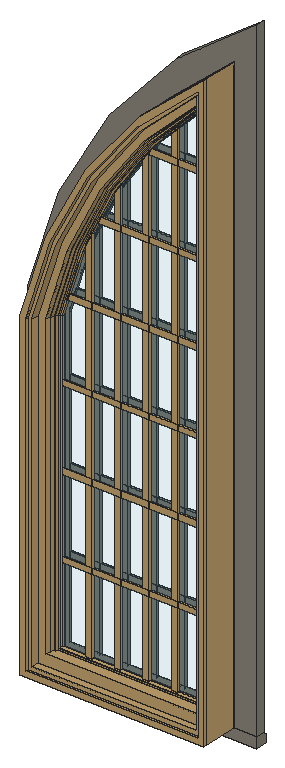
Revit family
Parameters (values of type "CUCART26")
  Window Type = "Clad Ultimate Casement Round Top RT26"
  Void Offset 2 = if(Subsill Visibility, 0' 0", 0' 9")  # 0' - 0"
  Void Offset = if(Casing Visibility, 0' 0", 0' 9")  # 0' - 0"
  URL = "www.marvin.com"
  Subsill Height_2 = if(Subsill A217, 0' 1 11/32", 0' 0 9/16")  # 0' - 1 11/32"
  Subsill Height = if(Subsill A217 Visibility, 0' 1 11/32", if(Subsill A246 Visibility, 0' 0 9/16", 0' 0"))  # 0' - 1 11/32"
  Subsill A246 Visibility = and(Subsill Visibility, Subsill A246)  # no
  Subsill A217 Visibility = and(Subsill Visibility, Subsill A217)  # yes
  Radius = 5' - 0"
  Plan Swing Angle [instance] = 15.00°
  Muntins Interior Visibility = yes
  Muntins Interior Material = Wood-Marvin-Pine
  Muntins Exterior Visibility = yes
  Muntins Exterior Material = Aluminum-Marvin-Bronze
  Mask Offset [instance] = if(Inset to Installation Flange = 0' 1 3/32", 0' 0 1/32", 0' 0")  # 0' - 0"
  Lites Wide = 5
  Lites High = 7
  Interior Material = Wood-Marvin-Pine
  Frame = "Aluminum Clad"
  Flat Casing Visibility = and(Casing Visibility, Flat Casing)  # yes
  Egress Window = ""
  Design Pressure = "DP50"
  Cladding Material = Aluminum-Marvin-Bronze
  Center_V = sin(Angle 3) * Radius  # 1' - 1.04339"
  Center_H = cos(Angle 3) * Radius  # 4' - 10.56509"
  Casing Width_2 = if(BMC, 0' 1 5/16", 0' 3")  # 0' - 3"
  Casing Visibility = yes
  Subsill Visibility = yes
  BMC Visibility = and(Casing Visibility, BMC)  # no
  BMC = no
  Flat Casing = not(BMC)  # yes
  Subsill A246 = no
  Subsill A217 = not(Subsill A246)  # yes
  Plan Swing Visibility [instance] = yes
  Glazing Material = Glass-Marvin-IG Low E II with Argon
  Springline = 3' - 6"
  Nominal Width = 2' - 0"
  Nominal Height = 6' - 6"
  Model = "CUCART26"
  Mask [instance] = Inset to Installation Flange > 0' 1 3/32"  # no
  Manufacturer = "Marvin Windows and Doors"
  Label Visibility = no
  Glass Type = "IG Low E II with Argon"
  Family created by = "www.rbuiltcomponents.com"
  Rough Width = Width + 0' 1"  # 2' - 1"
  Rough Height = Height + 0' 0 1/2"  # 6' - 6 1/2"
  Jamb Extension Visibility = yes
  Inset to Installation Flange [instance] = 0' - 1"
  Height = Nominal Height  # 6' - 6"
  Elev Swing Visibility [instance] = yes
  Description = "CSMT RT26"
  Default Head Height = 8' - 0"
  Wall Closure = (empty or 0)
  Width = Nominal Width  # 2' - 0"
  DLO Width = Width - 0' 5 13/16"  # 1' - 6 3/16"
  DLO Height = Height - 0' 5 13/16"  # 6' - 0 3/16"
  Casing Width = if(BMC Visibility, 0' 1 5/16", if(Flat Casing Visibility, 0' 3", 0' 0"))  # 0' - 3"
  Assembly Code = ""
  Bulge = Radius - (sqrt(Radius ^ 2 - (Chord ^ 2 / 4)))  # 0' - 4.03573"
  Chord = sqrt((Height - Springline) ^ 2 + Width ^ 2)  # 3' - 7.26662"
  Angle 3 = Angle 1 - Angle 2  # 12.5558°
  Angle 2 = asin(0.5 * Chord / Radius)  # 21.1343°
  Angle 1 = asin(Width / Chord)  # 33.6901°
Reference planes (in)
  plane 1 "Center (Front/Back)": y = 0
  plane 2: z = 0
  plane 3 "Center (Left/Right)": x = -3
  plane 4 "Left": x = -15
  plane 5 "Right": x = 9
  plane 6 "Sill": z = 18
  plane 7 "Top": z = 96
  plane 8 "Inset": y = 2
  plane 9 "Glazing": y = 1.53125
  plane 10 "Jamb Ext Face": y = -2.5625
  plane 11: z = 57
  plane 12: z = 60
  plane 13: y = -2.59375
  plane 14: x = 43.56509
  plane 15: z = 46.95661
Forms (in)
  Sweep 1, solid, material "Wood-Marvin-Pine" <- "Interior Material"
    path origin (0, 2, 0) x (1, 0, 0) y (0, 0, 1)
      loop
        line (-15, 60) -> (-15, 18) -> (9, 18) -> (9, 96)
        arc (9, 96) -> (-6.35793, 80.23862) -> (-15, 60) r 60
    profile "Profile_Ext_Clad_Frame : Profile_Ext_Clad_Frame" origin (-15, 2, 39) x (1, 0, 0) y (0, -1, 0)
      loop
        line (0, 4.56199) -> (0, 0.0625) -> (0.0625, 0.0625) -> (0.0625, 0) -> (0, 0) -> (0, -1.09401) -> (0.52105, -1.09401) -> (0.6063, 0.125) -> (2.696, 0.125) -> (2.696, 0.22017) -> (2.90625, 0.43042) -> (2.90625, 0.47297) -> (2.208, 0.47297) -> (2.208, 1.50299) -> (2.90625, 1.50299) -> (2.90625, 1.66374) -> (2.677, 1.89299) -> (2.677, 2) -> (2.5005, 2) -> (2.5005, 2.34399) -> (2.313, 2.34399) -> (2.313, 2.87449) -> (2.1255, 2.87449) -> (2.1255, 3.53074) -> (1.188, 3.53074) -> (1.188, 4.56199) -> (0, 4.56199)
  Extrusion 2, solid, material "Glass-Marvin-IG Low E II with Argon" <- "Glazing Material"
    sketch origin (0, 1.53125, 0) x (1, 0, 0) y (0, 0, 1)
      loop
        line (9, 18) -> (9, 96)
        arc (9, 96) -> (-6.35793, 80.23862) -> (-15, 60) r 60
        line (-15, 60) -> (-15, 18) -> (9, 18)
    from 0 to 1.03424
  Extrusion 3, void
    sketch origin (0, 0, 0) x (1, 0, 0) y (0, 0, 1)
      loop
        line (9, 18) -> (9, 96)
        arc (9, 96) -> (-6.35793, 80.23862) -> (-15, 60) r 60
        line (-15, 60) -> (-15, 18) -> (9, 18)
    from -3 to 3
  Sweep 4, solid, material "Aluminum-Marvin-Bronze" <- "Cladding Material", visible <- "BMC Visibility"
    path origin (0, 2, 0) x (1, 0, 0) y (0, 0, 1)
      loop
        line (9, 18) -> (9, 96)
        arc (9, 96) -> (-6.35793, 80.23862) -> (-15, 60) r 60
        line (-15, 60) -> (-15, 18)
    profile "BMC_Clad : BMC_Clad" origin (-15, 2, 39) x (1, 0, 0) y (0, -1, 0)
      loop
        line (-0.71589, -1.25) -> (-0.38081, -1.09375) -> (0, -1.09375) -> (0, 0) -> (-1.3125, 0) -> (-1.3125, -1.25) -> (-0.71589, -1.25)
  Sweep 5, solid, material "Aluminum-Marvin-Bronze" <- "Cladding Material", visible <- "Flat Casing Visibility"
    path origin (0, 2, 0) x (1, 0, 0) y (0, 0, 1)
      loop
        line (-15, 18) -> (-15, 60)
        arc (-15, 60) -> (-6.35793, 80.23862) -> (9, 96) r 60
        line (9, 96) -> (9, 18)
    profile "Flat_Casing_Clad : Flat_Casing_Clad" origin (9, 2, 57) x (1, 0, 0) y (0, -1, 0)
      loop
        line (3, -1.09375) -> (3, 0) -> (0, 0) -> (0, -1.09375) -> (3, -1.09375)
  Sweep 6, solid, material "Aluminum-Marvin-Bronze" <- "Cladding Material", visible <- "Subsill Visibility"
    path origin (0, 2, 0) x (1, 0, 0) y (0, 0, 1)
      loop
        line (12, 18) -> (-18, 18)
    profile origin (-3, 2, 18) x (0, 0, -1) y (0, -1, 0)
      loop
        line (0, 0) -> (0, -1.09401) -> (0.15265, -1.09401) -> (0.1875, -1.34375) -> (1.34375, -1.34375) -> (1.34375, 0) -> (0, 0)
  Sweep 7, solid, material "Wood-Marvin-Pine" <- "Interior Material"
    path in 3D
      loop
        line (-12.8745, -1.53074, 20.1255) -> (6.8745, -1.53074, 20.1255)
    profile "Profile_Sill_Close : Profile_Sill_Close" origin (-3, -1.53074, 20.1255) x (0, 1, 0) y (0, 0, 1)
      loop
        line (0, 0) -> (0.65625, 0) -> (0.65625, 0.1875) -> (1.18675, 0.1875) -> (1.18675, 0.375) -> (0, 0.375) -> (0, 0)
  Sweep 8, void
    path origin (0, 2, 0) x (1, 0, 0) y (0, 0, 1)
      loop
        line (-15, 18) -> (-15, 60)
        arc (-15, 60) -> (-6.35793, 80.23862) -> (9, 96) r 60
        line (9, 96) -> (9, 18)
    profile origin (9, 2, 57) x (0, -1, 0) y (1, 0, 0)
      loop
        line (0, 0) -> (0, 3) -> (-13, 3) -> (-13, 0) -> (0, 0)
  Sweep 9, void
    path origin (0, 2, 0) x (1, 0, 0) y (0, 0, 1)
      loop
        line (-18, 18) -> (12, 18)
    profile origin (-3, 2, 18) x (0, 0, 1) y (0, -1, 0)
      loop
        line (0, 0) -> (-1.34375, 0) -> (-1.34375, -12) -> (0, -12) -> (0, 0)
  Sweep 10, solid, material "Wood-Marvin-Pine" <- "Interior Material", visible <- "Jamb Extension Visibility"
    path origin (0, -2.5625, 0) x (1, 0, 0) y (0, 0, 1)
      loop
        line (9, 18) -> (9, 96)
        arc (9, 96) -> (-6.35793, 80.23862) -> (-15, 60) r 60
        line (-15, 60) -> (-15, 18) -> (9, 18)
    profile origin (-3, -2.5625, 18) x (0, 0, -1) y (0, -1, 0)
      loop
        line (0, 0.03125) -> (0, 0.4375) -> (-0.6875, 0.4375) -> (-0.6875, 0.03125) -> (0, 0.03125)
Cuts and joins
  joined: Sweep 1, Sweep 7
Lines and regions (in)
  Masking region 1
    outline origin (0, 0, 18) x (0, -1, 0) y (1, 0, 0)
      loop
        line (-3.09401, -15) -> (2.5625, -15) -> (2.5625, 9) -> (-3.09401, 9) -> (-3.09401, -15)
  Masking region 2
    outline origin (-3, 0, 0) x (0, 1, 0) y (0, 0, 1)
      loop
        line (3.09375, 96) -> (-2.5625, 96) -> (-2.5625, 18) -> (3.09375, 18) -> (3.09375, 96)
  Masking region 3, visible <- "Mask"
    outline origin (0, 0, 18) x (0, -1, 0) y (1, 0, 0)
      loop
        line (-3.09401, -18) -> (-3, -18) -> (-3, 12) -> (-3.09401, 12) -> (-3.09401, -18)
  Masking region 4, visible <- "Mask"
    outline origin (-3, 0, 0) x (0, 1, 0) y (0, 0, 1)
      loop
        line (3.09375, 99) -> (3, 99) -> (3, 16.65625) -> (3.09375, 16.65625) -> (3.09375, 99)
  Masking region 5, visible <- "Casing Visibility"
    outline origin (0, 0, 18) x (0, -1, 0) y (1, 0, 0)
      loop
        line (-3.09401, -18) -> (-2, -18) -> (-2, -15) -> (-3.09401, -15) -> (-3.09401, -18)
      loop
        line (-3.09401, 9) -> (-2, 9) -> (-2, 12) -> (-3.09401, 12) -> (-3.09401, 9)
  Masking region 6, visible <- "Subsill Visibility"
    outline origin (-3, 0, 0) x (0, 1, 0) y (0, 0, 1)
      loop
        line (3.34375, 16.65625) -> (3.34375, 17.8125) -> (3.09401, 17.84735) -> (3.09401, 18) -> (2, 18) -> (2, 16.65625) -> (3.34375, 16.65625)
  Masking region 7, visible <- "Casing Visibility"
    outline origin (-3, 0, 0) x (0, 1, 0) y (0, 0, 1)
      loop
        line (3.09375, 99) -> (2, 99) -> (2, 96) -> (3.09375, 96) -> (3.09375, 99)
  Masking region 8
    outline origin (0, 0, 18) x (0, -1, 0) y (1, 0, 0)
      loop
        line (2.59375, -15) -> (3, -15) -> (3, 9) -> (2.59375, 9) -> (2.59375, -15)
  Masking region 9
    outline origin (-3, 0, 0) x (0, 1, 0) y (0, 0, 1)
      loop
        line (-2.59375, 96) -> (-3, 96) -> (-3, 18) -> (-2.59375, 18) -> (-2.59375, 96)
  symbolic lines, style "Jamb Extension", visible <- "Jamb Extension Visibility", detail levels fine
    curve 1: line (-3, -3, 95.3125) -> (-3, -2.59375, 95.3125)
    curve 2: line (-3, -3, 18.6875) -> (-3, -2.59375, 18.6875)
    curve 49: line (-14.3125, -2.59375, 18) -> (-14.3125, -3, 18)
    curve 50: line (8.3125, -3, 18) -> (8.3125, -2.59375, 18)
    curve 51: line (9, -3, 18) -> (8.3125, -3, 18)
    curve 52: line (-14.3125, -3, 18) -> (-15, -3, 18)
  symbolic lines, style "WindowsFrameMullionProjection", detail levels coarse+medium
    curve 3: line (9, -2.5625, 18) -> (7.812, -2.5625, 18)
    curve 4: line (7.812, -2.5625, 18) -> (7.812, 3.09401, 18)
    curve 5: line (7.812, 3.09401, 18) -> (9, 3.09401, 18)
    curve 6: line (7.812, 1.875, 18) -> (6.09375, 1.875, 18)
    curve 7: line (6.09375, 1.875, 18) -> (6.09375, 0, 18)
    curve 8: line (-13.812, 0, 18) -> (-12.09375, 0, 18)
    curve 9: line (-15, -2.5625, 18) -> (-13.812, -2.5625, 18)
    curve 10: line (-13.812, -2.5625, 18) -> (-13.812, 3.09401, 18)
    curve 11: line (-13.812, 3.09401, 18) -> (-15, 3.09401, 18)
    curve 12: line (-12.09375, 1.875, 18) -> (-12.09375, 0, 18)
    curve 13: line (-3, 3.09401, 96) -> (-3, 3.09401, 94.812)
    curve 14: line (-3, 3.09401, 94.812) -> (-3, -2.5625, 94.812)
    curve 15: line (-3, -2.5625, 94.812) -> (-3, -2.5625, 96)
    curve 16: line (-3, 1.875, 94.812) -> (-3, 1.875, 93.09375)
    curve 17: line (-3, 1.875, 93.09375) -> (-3, 0, 93.09375)
    curve 18: line (-3, 0, 19.188) -> (-3, 0, 20.90625)
    curve 19: line (-3, 3.09401, 18) -> (-3, 3.09401, 19.188)
    curve 20: line (-3, 3.09401, 19.188) -> (-3, -2.5625, 19.188)
    curve 21: line (-3, -2.5625, 19.188) -> (-3, -2.5625, 18)
    curve 22: line (-3, 1.875, 20.90625) -> (-3, 0, 20.90625)
    curve 23: line (6.09375, 1.875, 18) -> (-12.09375, 1.875, 18)
    curve 24: line (6.09375, 0, 18) -> (7.812, 0, 18)
    curve 25: line (-12.09375, 1.875, 18) -> (-13.812, 1.875, 18)
    curve 26: line (-3, 0, 20.90625) -> (-3, 0, 93.09375)
    curve 27: line (-3, 1.875, 20.90625) -> (-3, 1.875, 19.188)
    curve 28: line (-3, 0, 93.09375) -> (-3, 0, 94.812)
    curve 29: line (-3, 1.875, 93.09375) -> (-3, 1.875, 20.90625)
    curve 38: line (-12.09375, 0, 18) -> (6.09375, 0, 18)
    curve 73: line (-3, -3, 96) -> (-3, 3.09375, 96)
    curve 84: line (-15, 3.09375, 18) -> (-15, -3, 18)
    curve 85: line (9, -3, 18) -> (9, 3.09375, 18)
  symbolic lines, style "Jamb Extension", visible <- "Jamb Extension Visibility"
    curve 30: line (-3, -3, 18.6875) -> (-3, -3, 18)
    curve 31: line (-3, -3, 95.3125) -> (-3, -3, 96)
  symbolic lines, style "WindowsFrameMullionProjection", visible <- "Jamb Extension Visibility", detail levels coarse+medium
    curve 32: line (-3, -2.59375, 95.3125) -> (-3, -3, 95.3125)
    curve 33: line (-3, -3, 95.3125) -> (-3, -3, 96)
    curve 34: line (-3, -2.59375, 18.6875) -> (-3, -3, 18.6875)
    curve 35: line (-3, -3, 18.6875) -> (-3, -3, 18)
    curve 53: line (-14.3125, -2.59375, 18) -> (-14.3125, -3, 18)
    curve 54: line (-15, -3, 18) -> (-14.3125, -3, 18)
    curve 55: line (8.3125, -3, 18) -> (8.3125, -2.59375, 18)
    curve 56: line (8.3125, -3, 18) -> (9, -3, 18)
  symbolic lines, style "Elevation Swing", visible <- "Elev Swing Visibility"
    curve 36: line (8.3937, 0, 57) -> (-14.3937, 0, 18.6063)
    curve 91: line (8.3937, 0, 57) -> (-6.35793, 0, 80.23862)
  symbolic lines, style "WindowsGlassProjection", detail levels coarse+medium
    curve 37: line (-12.09375, 0.9375, 18) -> (6.09375, 0.9375, 18)
    curve 69: line (-3, 0.9375, 20.90625) -> (-3, 0.9375, 93.09375)
  symbolic lines, style "Jamb Extension", visible <- "BMC Visibility", detail levels fine
    curve 39: line (-16.3125, 3.25, 18) -> (-15.71589, 3.25, 18)
    curve 40: line (-15.71589, 3.25, 18) -> (-15.38081, 3.09375, 18)
    curve 41: line (-16.3125, 3.09401, 18) -> (-16.3125, 3.25, 18)
    curve 42: line (9.71589, 3.25, 18) -> (10.3125, 3.25, 18)
    curve 43: line (9.38081, 3.09375, 18) -> (9.71589, 3.25, 18)
    curve 44: line (10.3125, 3.25, 18) -> (10.3125, 3.09401, 18)
    curve 45: line (-15.38081, 3.09375, 18) -> (-15, 3.09375, 18)
    curve 46: line (9.38081, 3.09375, 18) -> (9, 3.09375, 18)
    curve 75: line (-3, 3.25, 96.65144) -> (-3, 3.25, 99)
    curve 76: line (-3, 3.09375, 96) -> (-3, 3.09375, 96.38081)
    curve 77: line (-3, 3.09375, 96.38081) -> (-3, 3.25, 96.65144)
    curve 78: line (-3, 3.25, 99) -> (-3, 3.09375, 99)
  symbolic lines, style "Jamb Extension", visible <- "Flat Casing Visibility", detail levels fine
    curve 47: line (-15, 3.09401, 18) -> (-18, 3.09401, 18)
    curve 48: line (12, 3.09401, 18) -> (9, 3.09401, 18)
    curve 82: line (-3, 3.09375, 96) -> (-3, 3.09375, 99)
    curve 83: line (-3, 3.09375, 99) -> (-3, 2, 99)
  symbolic lines, style "WindowsFrameMullionProjection", visible <- "BMC Visibility", detail levels coarse+medium
    curve 57: line (-16.3125, 2, 18) -> (-16.3125, 3.25, 18)
    curve 58: line (-16.3125, 3.25, 18) -> (-15.71589, 3.25, 18)
    curve 59: line (-15.71589, 3.25, 18) -> (-15.38081, 3.09375, 18)
    curve 60: line (-15.38081, 3.09375, 18) -> (-15, 3.09375, 18)
    curve 61: line (10.3125, 3.25, 18) -> (10.3125, 2, 18)
    curve 62: line (9.38081, 3.09375, 18) -> (9.71589, 3.25, 18)
    curve 63: line (9.71589, 3.25, 18) -> (10.3125, 3.25, 18)
    curve 64: line (9, 3.09375, 18) -> (9.38081, 3.09375, 18)
    curve 70: line (-3, 3.25, 96.65144) -> (-3, 3.25, 99)
    curve 71: line (-3, 3.09375, 96) -> (-3, 3.09375, 96.38081)
    curve 72: line (-3, 3.09375, 96.38081) -> (-3, 3.25, 96.65144)
    curve 74: line (-3, 3.25, 99) -> (-3, 2, 99)
  symbolic lines, style "WindowsFrameMullionProjection", visible <- "Flat Casing Visibility", detail levels coarse+medium
    curve 65: line (12, 3.09401, 18) -> (9, 3.09401, 18)
    curve 66: line (12, 3.09401, 18) -> (12, 2, 18)
    curve 67: line (-18, 2, 18) -> (-18, 3.09401, 18)
    curve 68: line (-15, 3.09401, 18) -> (-18, 3.09401, 18)
    curve 80: line (-3, 3.09375, 96) -> (-3, 3.09375, 99)
    curve 81: line (-3, 3.09375, 99) -> (-3, 2, 99)
  symbolic lines, style "WindowsFrameMullionProjection", visible <- "Casing Visibility", detail levels coarse+medium
    curve 79: line (-3, 2, 99) -> (-3, 2, 96)
  symbolic lines, style "WindowsFrameMullionProjection", visible <- "Subsill Visibility", detail levels coarse+medium
    curve 86: line (-3, 3.09401, 17.84735) -> (-3, 3.09401, 18)
    curve 87: line (-3, 3.34375, 17.8125) -> (-3, 3.09401, 17.84735)
    curve 88: line (-3, 3.34375, 16.65625) -> (-3, 3.34375, 17.8125)
    curve 89: line (-3, 2, 16.65625) -> (-3, 3.34375, 16.65625)
  sketch lines
    curve 90: line (-12.8745, -1.53074, 20.1255) -> (6.8745, -1.53074, 20.1255)
  reference lines
    curve 92: line (-15, 2, 60) -> (9, 2, 96)
    curve 93: arc (-15, 2, 60) -> (-6.35793, 2, 80.23862) -> (9, 2, 96) r 60
Text (in)
  text "EXTERIOR" at (-58.6888, 50.90694, 0), in view "Ref. Level"
  text "INTERIOR" at (-58.6888, -37.76638, 0), in view "Ref. Level"
  text "Exterior" at (0, 43.65631, 123.19604), in view "Left"
  text "Exterior" at (0, 18.29385, 125.04747), in view "Right"
Dimensions and locks (in)
  equal spacing: plane 4 "Left", plane 3 "Center (Left/Right)", plane 5 "Right"
  "Width": plane 4 "Left" to plane 5 "Right"
  "Height": plane 6 "Sill" to plane 7 "Top"
  "Inset to Installation Flange": host wall to plane 8 "Inset"
  locked: plane 9 "Glazing" to plane 8 "Inset" at 0.46875
  locked: plane 10 "Jamb Ext Face" to plane 8 "Inset" at 4.5625
  "Default Head Height": plane 2 to plane 7 "Top"
  locked: nested 2 to host wall at 12.00106
  locked: plane 9 "Glazing" to Extrusion 2 at 1.03424
  locked: curve 32 to plane 7 "Top" at 0.6875
  locked: plane 6 "Sill" to curve 34 at 0.6875
  equal spacing: plane 6 "Sill", plane 11, plane 7 "Top"
  "Casing Width": plane 5 "Right" to Sweep 6 sketch curve
  "Casing Width": Sweep 6 sketch curve to plane 4 "Left"
  locked: Sweep 6 sketch curve to Sweep 6 sketch curve at 1.34375
  "Subsill Height_2": Sweep 6 sketch curve to plane 6 "Sill"
  "Casing Width": Masking region 3 sketch curve to plane 4 "Left"
  "Casing Width": plane 5 "Right" to Masking region 3 sketch curve
  "Casing Width_2": Masking region 5 sketch curve to plane 4 "Left"
  "Casing Width_2": plane 5 "Right" to Masking region 5 sketch curve
  "Subsill Height": Masking region 4 sketch curve to plane 6 "Sill"
  "Casing Width": plane 7 "Top" to Masking region 4 sketch curve
  "Casing Width_2": plane 7 "Top" to Masking region 7 sketch curve
  "Casing Width_2": plane 5 "Right" to Sweep 8 sketch curve
  "Void Offset": plane 8 "Inset" to Sweep 8 sketch curve
  locked: Sweep 8 sketch curve to host wall at 12
  "Casing Width": Sweep 9 sketch curve to plane 4 "Left"
  "Casing Width": plane 5 "Right" to Sweep 9 sketch curve
  locked: Sweep 9 sketch curve to plane 8 "Inset" at 12
  "Void Offset 2": Sweep 9 sketch curve to plane 8 "Inset"
  "Subsill Height_2": Sweep 9 sketch curve to plane 6 "Sill"
  "Springline": plane 6 "Sill" to plane 12
  locked: Sweep 10 sketch curve to profile plane at 0.6875
  locked: plane 9 "Glazing" to nested 5 at 1.03125
  locked: plane 13 to plane 10 "Jamb Ext Face" at 0.03125
  "Mask Offset": Masking region 3 sketch curve to host wall
  "Mask Offset": Masking region 4 sketch curve to host wall
  "Center_H": plane 4 "Left" to plane 14
  "Center_V": plane 15 to plane 12
  "Radius": curve 93 to curve 91
  "Radius": radius of curve 93
  aligned and locked: nested 1 to plane 3 "Center (Left/Right)"
  aligned and locked: plane 8 "Inset" to nested 1
  aligned and locked: Sweep 1 sketch curve to plane 6 "Sill"
  aligned and locked: plane 5 "Right" to Sweep 1 sketch curve  (x2)
  aligned and locked: plane 5 "Right" to Masking region 1 sketch curve
  aligned and locked: Masking region 1 sketch curve to plane 4 "Left"
  aligned and locked: plane 7 "Top" to Masking region 2 sketch curve
  aligned and locked: Masking region 2 sketch curve to plane 6 "Sill"
  aligned and locked: plane 3 "Center (Left/Right)" to nested 2
  aligned and locked: curve 21 to plane 10 "Jamb Ext Face"
  aligned and locked: plane 6 "Sill" to curve 30
  aligned and locked: curve 30 to host wall
  aligned and locked: host wall to curve 33
  aligned and locked: plane 6 "Sill" to curve 35
  aligned and locked: Extrusion 2 to plane 9 "Glazing"
  aligned and locked: plane 9 "Glazing" to Extrusion 2
  aligned and locked: nested 3 to plane 6 "Sill"
  aligned and locked: curve 14 to nested 3
  aligned and locked: curve 13 to nested 3
  aligned and locked: curve 16 to nested 3
  aligned and locked: curve 28 to nested 3
  aligned and locked: curve 17 to nested 3
  aligned and locked: curve 19 to nested 3
  aligned and locked: curve 20 to nested 3
  aligned and locked: curve 22 to nested 3
  aligned and locked: curve 27 to nested 3
  aligned and locked: nested 3 to curve 18
  aligned and locked: host wall to Extrusion 3  (x2)
  aligned and locked: plane 5 "Right" to Extrusion 3 sketch curve  (x2)
  aligned and locked: Extrusion 3 sketch curve to plane 6 "Sill"
  aligned and locked: Extrusion 3 sketch curve to plane 4 "Left"
  aligned and locked: plane 5 "Right" to Sweep 4 sketch curve  (x2)
  aligned and locked: plane 6 "Sill" to Sweep 4 sketch curve  (x2)
  aligned and locked: plane 6 "Sill" to Sweep 5 sketch curve  (x2)
  aligned and locked: Sweep 5 sketch curve to plane 4 "Left"
  aligned and locked: plane 6 "Sill" to Sweep 6 sketch curve  (x2)
  aligned and locked: Sweep 6 sketch curve to plane 8 "Inset"
  aligned and locked: Masking region 3 sketch curve to Sweep 1
  aligned and locked: Masking region 1 sketch curve to Sweep 1
  aligned and locked: plane 4 "Left" to Masking region 5 sketch curve
  aligned and locked: Masking region 5 sketch curve to Sweep 1  (x2)
  aligned and locked: Masking region 5 sketch curve to plane 8 "Inset"  (x2)
  aligned and locked: Masking region 5 sketch curve to plane 5 "Right"
  aligned and locked: curve 7 to curve 37
  aligned and locked: curve 12 to curve 38
  aligned and locked: curve 8 to curve 38
  aligned and locked: curve 39 to Sweep 4
  aligned and locked: Sweep 4 to curve 40
  aligned and locked: Sweep 4 to curve 41
  aligned and locked: Sweep 1 to curve 41
  aligned and locked: curve 43 to Sweep 4
  aligned and locked: curve 44 to Sweep 1
  aligned and locked: curve 46 to Sweep 4
  aligned and locked: plane 5 "Right" to curve 46
  aligned and locked: curve 47 to Masking region 5
  aligned and locked: curve 57 to Sweep 4
  aligned and locked: curve 60 to Sweep 4
  aligned and locked: curve 61 to Sweep 4
  aligned and locked: curve 65 to Masking region 5
  aligned and locked: curve 66 to Sweep 5
  aligned and locked: curve 67 to Sweep 5
  aligned and locked: Masking region 2 sketch curve to Sweep 5
  aligned and locked: nested 3 to plane 8 "Inset"
  aligned and locked: Masking region 4 sketch curve to Sweep 5
  aligned and locked: Masking region 6 sketch curve to Sweep 6  (x6)
  aligned and locked: Masking region 7 sketch curve to plane 7 "Top"
  aligned and locked: Masking region 7 sketch curve to plane 8 "Inset"
  aligned and locked: Sweep 5 to Masking region 7 sketch curve
  aligned and locked: Sweep 4 to curve 71
  aligned and locked: curve 73 to nested 3
  aligned and locked: curve 74 to Masking region 7
  aligned and locked: Sweep 4 to curve 75
  aligned and locked: curve 79 to Sweep 4
  aligned and locked: curve 83 to Masking region 7
  aligned and locked: curve 84 to Sweep 5
  aligned and locked: curve 85 to Sweep 5
  aligned and locked: curve 86 to Sweep 6
  aligned and locked: curve 87 to Sweep 6
  aligned and locked: curve 88 to Sweep 6
  aligned and locked: curve 89 to Sweep 6
  aligned and locked: curve 25 to nested 1
  aligned and locked: curve 6 to nested 1
  aligned and locked: plane 6 "Sill" to Sweep 8 sketch curve  (x2)
  aligned and locked: plane 5 "Right" to Sweep 8 sketch curve
  aligned and locked: Sweep 9 sketch curve to plane 6 "Sill"  (x2)
  aligned and locked: Extrusion 2 sketch curve to plane 6 "Sill"
  aligned and locked: plane 5 "Right" to Extrusion 2 sketch curve  (x2)
  aligned and locked: Sweep 5 sketch curve to plane 5 "Right"
  aligned and locked: Sweep 8 sketch curve to plane 5 "Right"
  aligned and locked: Sweep 10 sketch curve to plane 6 "Sill"
  aligned and locked: host wall to Sweep 10 sketch curve
  aligned and locked: plane 6 "Sill" to Sweep 10 sketch curve
  aligned and locked: plane 7 "Top" to curve 93
  aligned and locked: plane 4 "Left" to curve 93
  aligned and locked: plane 4 "Left" to Sweep 1 sketch curve
  aligned and locked: plane 4 "Left" to Extrusion 2 sketch curve
  aligned and locked: plane 4 "Left" to Sweep 10 sketch curve
  aligned and locked: plane 4 "Left" to Sweep 4 sketch curve
  aligned and locked: plane 4 "Left" to Sweep 8 sketch curve
  aligned and locked: nested 4 to plane 9 "Glazing"
  aligned and locked: nested 4 to plane 3 "Center (Left/Right)"
  aligned and locked: nested 4 to plane 11
  aligned and locked: plane 3 "Center (Left/Right)" to nested 5
  aligned and locked: plane 11 to nested 5
  aligned and locked: cut or joined group of Sweep 1, Sweep 7 to curve 36
  aligned and locked: plane 11 to curve 36
  aligned and locked: host wall to curve 84
  aligned and locked: host wall to curve 85
  aligned and locked: curve 8 to cut or joined group of Sweep 1, Sweep 7
  aligned and locked: cut or joined group of Sweep 1, Sweep 7 to curve 24
  aligned and locked: Sweep 10 sketch curve to plane 13
  aligned and locked: plane 13 to curve 50
  aligned and locked: plane 13 to curve 55
  aligned and locked: plane 13 to curve 49
  aligned and locked: plane 13 to curve 53
  aligned and locked: Masking region 1 sketch curve to plane 10 "Jamb Ext Face"
  aligned and locked: Masking region 8 sketch curve to plane 4 "Left"
  aligned and locked: plane 5 "Right" to Masking region 8 sketch curve
  aligned and locked: plane 13 to Masking region 8 sketch curve
  aligned and locked: Masking region 8 sketch curve to host wall
  aligned and locked: plane 13 to curve 2
  aligned and locked: plane 13 to curve 34
  aligned and locked: plane 13 to curve 1
  aligned and locked: plane 13 to curve 32
  aligned and locked: Masking region 2 sketch curve to plane 10 "Jamb Ext Face"
  aligned and locked: plane 7 "Top" to Masking region 9 sketch curve
  aligned and locked: Masking region 9 sketch curve to plane 6 "Sill"
  aligned and locked: plane 13 to Masking region 9 sketch curve
  aligned and locked: Masking region 9 sketch curve to host wall
  aligned and locked: Sweep 8 sketch curve to curve 93
  aligned and locked: Sweep 5 sketch curve to curve 93
  aligned and locked: Sweep 4 sketch curve to curve 93
  aligned and locked: Sweep 1 sketch curve to curve 93
  aligned and locked: Extrusion 3 sketch curve to curve 93
  aligned and locked: Extrusion 2 sketch curve to curve 93
  aligned and locked: plane 5 "Right" to Sweep 10 sketch curve
  aligned and locked: Sweep 10 sketch curve to curve 93
  aligned and locked: plane 14 to curve 93
  aligned and locked: plane 15 to curve 93
Automatic sketch dimensions
  Sweep 6 sketch curve to Sweep 6 sketch curve = 0' - 0.15265"
  Sweep 6 sketch curve to Sweep 6 sketch curve = 0' - 0.03485"
  Sweep 6 sketch curve to Sweep 6 sketch curve = 0' - 0.24974"
  curve 57 to plane 8 "Inset" = 0' - 0"
  curve 66 to plane 8 "Inset" = 0' - 0"
  curve 67 to plane 8 "Inset" = 0' - 0"
  curve 61 to plane 8 "Inset" = 0' - 0"
  curve 3 to plane 10 "Jamb Ext Face" = 0' - 0"
  curve 9 to plane 10 "Jamb Ext Face" = 0' - 0"
  curve 11 to plane 4 "Left" = 0' - 0"
  curve 5 to plane 5 "Right" = 0' - 0"
  curve 42 to curve 43 = 0' - 0 5/32"
  plane 9 "Glazing" to curve 37 = 0' - 0 19/32"
  curve 54 to plane 4 "Left" = 0' - 0 11/16"
  curve 49 to curve 9 = 0' - 0.5005"
  curve 25 to curve 12 = 0' - 1.71825"
  plane 5 "Right" to curve 38 = 0' - 2 29/32"
  curve 4 to curve 5 = 0' - 1.188"
  curve 51 to curve 51 = 0' - 0 11/16"
  curve 15 to plane 10 "Jamb Ext Face" = 0' - 0"
  curve 89 to plane 8 "Inset" = 0' - 0"
  curve 21 to plane 6 "Sill" = 0' - 0"
  curve 86 to plane 6 "Sill" = 0' - 0"
  curve 13 to plane 7 "Top" = 0' - 0"
  curve 79 to plane 7 "Top" = 0' - 0"
  plane 9 "Glazing" to curve 69 = 0' - 0 19/32"
  curve 71 to curve 71 = 0' - 0.38081"
  curve 71 to curve 70 = 0' - 0.27063"
  curve 91 to plane 3 "Center (Left/Right)" = 0' - 3.35793"
  plane 5 "Right" to curve 91 = 0' - 0.6063"
  curve 36 to plane 6 "Sill" = 0' - 0.6063"
Nested families (in)
  nested 1: "Roundtop_Plan_Detail" at (-3, 2, 18) x (-1, 0, 0) z (0, 0, -1), type "Roundtop_Plan_Detail"
    with Plan Swing RH no
  nested 2: "Label Annotation 1-16 w4" at (-3, 15.00106, 0), visible <- "Label Visibility", type "Label Annotation 1-16 w4"
    with Nominal Width 2' - 0", Nominal Height 6' - 6"
  nested 3: "Roundtop_Section_Detail" at (-3, 2, 18) x (0, -1, 0) z (1, 0, 0), type "Roundtop_Section_Detail", detail levels fine
    with Height 6' - 6"
  nested 4: "Muntins" at (-3, 1.53125, -15.09375) x (-1, 0, 0) z (0, 0, 1), Muntin Material <- "Muntins Exterior Material", visible <- "Muntins Exterior Visibility", type "Muntins"
    with Muntin Material Aluminum-Marvin-Bronze, Radius 5' - 0", GlazingWidth 1' - 6 3/16", GlazingHeight 6' - 0 3/16", Width 1' - 6 5/8", Height 6' - 0 5/8", Inset Vert 0' - 3.35", Inset Horiz 0' - 10", Center V 1' - 1.04339", Center H 4' - 10.56509", Bulge 0' - 4.03573"
  nested 5: "Muntins" at (-3, 0.5, -15.09375) x (-1, 0, 0) z (0, 0, 1), Muntin Material <- "Muntins Interior Material", visible <- "Muntins Interior Visibility", type "Muntins"
    with Muntin Material Wood-Marvin-Pine, Radius 5' - 0", GlazingWidth 1' - 6 3/16", GlazingHeight 6' - 0 3/16", Width 1' - 6 5/8", Height 6' - 0 5/8", Inset Vert 0' - 3.35", Inset Horiz 0' - 10", Center V 1' - 1.04339", Center H 4' - 10.56509", Bulge 0' - 4.03573"
Definition of nested family "Muntins"
  Parameters (values of type "Muntins")
    Springline = 3' - 6"
    Radius = 12' - 6 1/16"
    GlazingWidth = 2' - 2 15/32"
    GlazingHeight = 5' - 9 59/64"
    Width = GlazingWidth + 0' 0 7/16"  # 2' - 2 29/32"
    VerticalMuntins = if(LitesHorizontal < 3, 2, LitesHorizontal - 1)  # 4
    VertMuntVisible = LitesHorizontal > 2  # yes
    MuntinWidth = 0' - 0 3/4"
    MuntinDepth = 0' - 0 1/4"
    Muntin Material [instance] = none
    LitesVertical = 7
    LitesHorizontal = 5
    HorizontalMuntins = if(LitesVertical < 3, 2, LitesVertical - 1)  # 6
    HorizMuntVisible = LitesVertical > 2  # yes
    Height = GlazingHeight + 0' 0 7/16"  # 5' - 10 23/64"
    Inset Vert = if(LitesHorizontal < 3, (Width / 3) - (MuntinWidth / 2), (Width / LitesHorizontal) - (MuntinWidth / 2))  # 0' - 5.00625"
    Inset Horiz = if(LitesVertical < 3, (Height / 3) - (MuntinWidth / 2), (Height / LitesVertical) - (MuntinWidth / 2))  # 0' - 9.67634"
    CenterMuntinVertical = LitesHorizontal = 2  # no
    CenterMuntinHorizontal = LitesVertical = 2  # no
    Center V = 6' - 11.95573"
    Center H = 10' - 5.28551"
    Bulge = 0' - 2"
    Assembly Code = ""
  Reference planes (in)
    plane 1 "Center (Front/Back)": y = 0
    plane 2: z = 0
    plane 3 "Center (Left/Right)": x = 0
    plane 4: z = 35.78125
    plane 5: z = 70.96094
    plane 6: z = 106.14063
    plane 7: z = 96.46429
    plane 8: z = 45.45759
    plane 9: z = 105.92188
    plane 10: z = 36
    plane 11: x = -13.23437
    plane 12: x = 13.23438
    plane 13: x = -8.44687
    plane 14: x = -13.45312
    plane 15: x = 13.45313
    plane 16: x = 8.44688
    plane 17: z = 33.09375
    plane 18: z = 71.09375
    plane 19: x = -16.14063
    plane 20: x = 16.14063
    plane 21: z = 108.82813
    plane 22: z = 75.09375
    plane 23: z = -8.86198
    plane 24: x = -109.14488
  Forms (in)
    Extrusion 1, solid, material <- "Muntin Material", visible <- "CenterMuntinVertical", detail levels medium+fine
      sketch origin (9, 0, 0) x (1, 0, 0) y (0, 0, 1)
        loop
          line (-9.375, 106.14063) -> (-9.375, 35.78125) -> (-8.625, 35.78125) -> (-8.625, 106.14063) -> (-9.375, 106.14063)
      from 0 to 0.25 <- "MuntinDepth"
    Extrusion 2, solid, material <- "Muntin Material", visible <- "CenterMuntinHorizontal", detail levels medium+fine
      sketch origin (-0.0013, 0, 14.6875) x (1, 0, 0) y (0, 0, 1)
        loop
          line (-13.45182, 56.64844) -> (-13.45182, 55.89844) -> (13.45443, 55.89844) -> (13.45443, 56.64844) -> (-13.45182, 56.64844)
      from 0 to 0.25 <- "MuntinDepth"
    Extrusion 3, solid, material <- "Muntin Material", visible <- "VertMuntVisible", detail levels medium+fine
      sketch origin (1.94301, 0, -2.90625) x (1, 0, 0) y (0, 0, 1)
        loop
          line (-10.38988, 109.04688) -> (-10.38988, 38.6875) -> (-9.63988, 38.6875) -> (-9.63988, 109.04688) -> (-10.38988, 109.04688)
      from 0 to 0.25 <- "MuntinDepth"
    Extrusion 4, solid, material <- "Muntin Material", visible <- "HorizMuntVisible", detail levels medium+fine
      sketch origin (-1.86198, 0, -0.43973) x (1, 0, 0) y (0, 0, 1)
        loop
          line (-11.59115, 46.64732) -> (-11.59115, 45.89732) -> (15.3151, 45.89732) -> (15.3151, 46.64732) -> (-11.59115, 46.64732)
      from 0 to 0.25 <- "MuntinDepth"
    Extrusion 5, solid, material <- "Muntin Material", visible <- "CenterMuntinVertical", detail levels coarse
      sketch origin (9, 0, 0) x (1, 0, 0) y (0, 0, 1)
        loop
          line (-9.03125, 106.14063) -> (-9.03125, 35.78125) -> (-8.96875, 35.78125) -> (-8.96875, 106.14063) -> (-9.03125, 106.14063)
      from 0 to 0.0625
    Extrusion 6, solid, material <- "Muntin Material", visible <- "VertMuntVisible", detail levels coarse
      sketch origin (1.92738, 0, 0) x (1, 0, 0) y (0, 0, 1)
        loop
          line (-10.01488, 106.14063) -> (-10.01488, 35.78125) -> (-9.98363, 35.78125) -> (-9.98363, 106.14063) -> (-10.01488, 106.14063)
      from 0 to 0.0625
    Extrusion 7, solid, material <- "Muntin Material", visible <- "CenterMuntinHorizontal", detail levels coarse
      sketch origin (-0.0013, 0, 14.6875) x (1, 0, 0) y (0, 0, 1)
        loop
          line (-13.45182, 56.30469) -> (-13.45182, 56.24219) -> (13.45443, 56.24219) -> (13.45443, 56.30469) -> (-13.45182, 56.30469)
      from 0 to 0.0625
    Extrusion 8, solid, material <- "Muntin Material", visible <- "HorizMuntVisible", detail levels coarse
      sketch origin (-7.86068, 0, -3.08036) x (1, 0, 0) y (0, 0, 1)
        loop
          line (-5.59245, 48.95982) -> (-5.59245, 48.89732) -> (21.3138, 48.89732) -> (21.3138, 48.95982) -> (-5.59245, 48.95982)
      from 0 to 0.0625
    Extrusion 9, solid, material <- "Muntin Material", visible <- "VertMuntVisible", detail levels medium+fine
      sketch origin (18.08676, 0, -2.90625) x (1, 0, 0) y (0, 0, 1)
        loop
          line (-10.38988, 109.04688) -> (-10.38988, 38.6875) -> (-9.63988, 38.6875) -> (-9.63988, 109.04688) -> (-10.38988, 109.04688)
      from 0 to 0.25 <- "MuntinDepth"
    Extrusion 10, solid, material <- "Muntin Material", visible <- "VertMuntVisible", detail levels coarse
      sketch origin (18.07113, 0, 0) x (1, 0, 0) y (0, 0, 1)
        loop
          line (-10.01488, 106.14063) -> (-10.01488, 35.78125) -> (-9.98363, 35.78125) -> (-9.98363, 106.14063) -> (-10.01488, 106.14063)
      from 0 to 0.0625
    Extrusion 11, solid, material <- "Muntin Material", visible <- "VertMuntVisible", detail levels medium+fine
      sketch origin (7.32426, 0, -2.90625) x (1, 0, 0) y (0, 0, 1)
        loop
          line (-10.38988, 109.04688) -> (-10.38988, 38.6875) -> (-9.63988, 38.6875) -> (-9.63988, 109.04688) -> (-10.38988, 109.04688)
      from 0 to 0.25 <- "MuntinDepth"
    Extrusion 12, solid, material <- "Muntin Material", visible <- "VertMuntVisible", detail levels coarse
      sketch origin (7.30863, 0, 0) x (1, 0, 0) y (0, 0, 1)
        loop
          line (-10.01488, 106.14063) -> (-10.01488, 35.78125) -> (-9.98363, 35.78125) -> (-9.98363, 106.14063) -> (-10.01488, 106.14063)
      from 0 to 0.0625
    Extrusion 13, solid, material <- "Muntin Material", visible <- "HorizMuntVisible", detail levels medium+fine
      sketch origin (-1.86198, 0, 49.81696) x (1, 0, 0) y (0, 0, 1)
        loop
          line (-11.59115, 46.64732) -> (-11.59115, 45.89732) -> (15.3151, 45.89732) -> (15.3151, 46.64732) -> (-11.59115, 46.64732)
      from 0 to 0.25 <- "MuntinDepth"
    Extrusion 14, solid, material <- "Muntin Material", visible <- "HorizMuntVisible", detail levels coarse
      sketch origin (-7.86068, 0, 47.17634) x (1, 0, 0) y (0, 0, 1)
        loop
          line (-5.59245, 48.95982) -> (-5.59245, 48.89732) -> (21.3138, 48.89732) -> (21.3138, 48.95982) -> (-5.59245, 48.95982)
      from 0 to 0.0625
    Extrusion 15, solid, material <- "Muntin Material", visible <- "HorizMuntVisible", detail levels medium+fine
      sketch origin (-1.86198, 0, 9.61161) x (1, 0, 0) y (0, 0, 1)
        loop
          line (-11.59115, 46.64732) -> (-11.59115, 45.89732) -> (15.3151, 45.89732) -> (15.3151, 46.64732) -> (-11.59115, 46.64732)
      from 0 to 0.25 <- "MuntinDepth"
    Extrusion 16, solid, material <- "Muntin Material", visible <- "HorizMuntVisible", detail levels coarse
      sketch origin (-7.86068, 0, 6.97098) x (1, 0, 0) y (0, 0, 1)
        loop
          line (-5.59245, 48.95982) -> (-5.59245, 48.89732) -> (21.3138, 48.89732) -> (21.3138, 48.95982) -> (-5.59245, 48.95982)
      from 0 to 0.0625
    Extrusion 17, solid, material <- "Muntin Material", visible <- "HorizMuntVisible", detail levels medium+fine
      sketch origin (-1.86198, 0, 19.66295) x (1, 0, 0) y (0, 0, 1)
        loop
          line (-11.59115, 46.64732) -> (-11.59115, 45.89732) -> (15.3151, 45.89732) -> (15.3151, 46.64732) -> (-11.59115, 46.64732)
      from 0 to 0.25 <- "MuntinDepth"
    Extrusion 18, solid, material <- "Muntin Material", visible <- "HorizMuntVisible", detail levels coarse
      sketch origin (-7.86068, 0, 17.02232) x (1, 0, 0) y (0, 0, 1)
        loop
          line (-5.59245, 48.95982) -> (-5.59245, 48.89732) -> (21.3138, 48.89732) -> (21.3138, 48.95982) -> (-5.59245, 48.95982)
      from 0 to 0.0625
    Extrusion 19, solid, material <- "Muntin Material", visible <- "VertMuntVisible", detail levels medium+fine
      sketch origin (12.70551, 0, -2.90625) x (1, 0, 0) y (0, 0, 1)
        loop
          line (-10.38988, 109.04688) -> (-10.38988, 38.6875) -> (-9.63988, 38.6875) -> (-9.63988, 109.04688) -> (-10.38988, 109.04688)
      from 0 to 0.25 <- "MuntinDepth"
    Extrusion 20, solid, material <- "Muntin Material", visible <- "VertMuntVisible", detail levels coarse
      sketch origin (12.68988, 0, 0) x (1, 0, 0) y (0, 0, 1)
        loop
          line (-10.01488, 106.14063) -> (-10.01488, 35.78125) -> (-9.98363, 35.78125) -> (-9.98363, 106.14063) -> (-10.01488, 106.14063)
      from 0 to 0.0625
    Extrusion 21, solid, material <- "Muntin Material", visible <- "HorizMuntVisible", detail levels medium+fine
      sketch origin (-1.86198, 0, 29.71429) x (1, 0, 0) y (0, 0, 1)
        loop
          line (-11.59115, 46.64732) -> (-11.59115, 45.89732) -> (15.3151, 45.89732) -> (15.3151, 46.64732) -> (-11.59115, 46.64732)
      from 0 to 0.25 <- "MuntinDepth"
    Extrusion 22, solid, material <- "Muntin Material", visible <- "HorizMuntVisible", detail levels coarse
      sketch origin (-7.86068, 0, 27.07366) x (1, 0, 0) y (0, 0, 1)
        loop
          line (-5.59245, 48.95982) -> (-5.59245, 48.89732) -> (21.3138, 48.89732) -> (21.3138, 48.95982) -> (-5.59245, 48.95982)
      from 0 to 0.0625
    Extrusion 23, solid, material <- "Muntin Material", visible <- "HorizMuntVisible", detail levels medium+fine
      sketch origin (-1.86198, 0, 39.76562) x (1, 0, 0) y (0, 0, 1)
        loop
          line (-11.59115, 46.64732) -> (-11.59115, 45.89732) -> (15.3151, 45.89732) -> (15.3151, 46.64732) -> (-11.59115, 46.64732)
      from 0 to 0.25 <- "MuntinDepth"
    Extrusion 24, solid, material <- "Muntin Material", visible <- "HorizMuntVisible", detail levels coarse
      sketch origin (-7.86068, 0, 37.125) x (1, 0, 0) y (0, 0, 1)
        loop
          line (-5.59245, 48.95982) -> (-5.59245, 48.89732) -> (21.3138, 48.89732) -> (21.3138, 48.95982) -> (-5.59245, 48.95982)
      from 0 to 0.0625
    Sweep 25, void
      path in 3D
        loop
          arc (16.14063, 0, 73.73521) -> (1.40749, 0, 92.6118) -> (-16.14063, 0, 108.90458) r 150.0625
      profile origin (1.40749, 0, 92.6118) x (-0.736709, 0, -0.67621) y (0, -1, 0)
        loop
          line (-70.35938, -1) -> (2.75, -1) -> (2.75, 1) -> (-70.35938, 1) -> (-70.35938, -1)
  Cuts and joins
    Sweep 25 cuts Extrusion 1
    Sweep 25 cuts Extrusion 2
    Sweep 25 cuts Extrusion 3
    Sweep 25 cuts Extrusion 5
    Sweep 25 cuts Extrusion 6
    Sweep 25 cuts Extrusion 7
    Sweep 25 cuts Extrusion 9
    Sweep 25 cuts Extrusion 10
    Sweep 25 cuts Extrusion 11
    Sweep 25 cuts Extrusion 12
    Sweep 25 cuts Extrusion 13
    Sweep 25 cuts Extrusion 14
    Sweep 25 cuts Extrusion 19
    Sweep 25 cuts Extrusion 20
    Sweep 25 cuts Extrusion 23
    Sweep 25 cuts Extrusion 21
    Sweep 25 cuts Extrusion 17
    Sweep 25 cuts Extrusion 15
    Sweep 25 cuts Extrusion 24
    Sweep 25 cuts Extrusion 22
    Sweep 25 cuts Extrusion 18
  Lines and regions (in)
    reference lines
      curve 1: line (16.14063, 0, 73.73521) -> (-16.14063, 0, 108.90458)
      curve 2: line (-16.14063, 0, 108.90458) -> (-16.14063, 0, 33.09375)
      curve 3: line (-16.14063, 0, 33.09375) -> (16.14063, 0, 33.09375)
      curve 4: line (16.14063, 0, 73.73521) -> (16.14063, 0, 33.09375)
      curve 5: line (-13.45312, 0, 103.35905) -> (-13.45312, 0, 35.78125)
      curve 6: line (-13.45312, 0, 35.78125) -> (13.45313, 0, 35.78125)
      curve 7: line (13.45313, 0, 35.78125) -> (13.45313, 0, 74.40273)
      curve 8: arc (16.14063, 0, 73.73521) -> (1.40749, 0, 92.6118) -> (-16.14063, 0, 108.90458) r 150.0625
    sketch lines
      curve 9: arc (16.14063, 0, 73.73521) -> (1.40749, 0, 92.6118) -> (-16.14063, 0, 108.90458) r 150.0625
  Dimensions and locks (in)
    "Inset Horiz": plane 6 to plane 7
    "Inset Horiz": plane 8 to plane 4
    equal spacing: plane 6, plane 5, plane 4
    "Height": plane 6 to plane 4
    "GlazingHeight": plane 9 to plane 10
    equal spacing: plane 9, plane 5, plane 10
    "GlazingWidth": plane 12 to plane 11
    equal spacing: plane 12, plane 3 "Center (Left/Right)", plane 11
    "MuntinWidth": Extrusion 1 sketch curve to Extrusion 1 sketch curve
    "Height": Extrusion 1 sketch curve to Extrusion 1 sketch curve
    "MuntinWidth": Extrusion 2 sketch curve to Extrusion 2 sketch curve
    "Width": Extrusion 2 sketch curve to Extrusion 2 sketch curve
    "MuntinWidth": Extrusion 3 sketch curve to Extrusion 3 sketch curve
    "Height": Extrusion 3 sketch curve to Extrusion 3 sketch curve
    "Width": plane 15 to plane 14
    equal spacing: plane 15, plane 3 "Center (Left/Right)", plane 14
    "Inset Vert": plane 13 to plane 14
    "Inset Vert": plane 15 to plane 16
    "MuntinWidth": Extrusion 4 sketch curve to Extrusion 4 sketch curve
    "Width": Extrusion 4 sketch curve to Extrusion 4 sketch curve
    locked: plane 10 to plane 17 at 2.90625
    Extrusion 5 sketch curve to plane 3 "Center (Left/Right)" to Extrusion 5 sketch curve = 0' - 0 1/32" locked, 0' - 0 1/32" locked
    "Height": Extrusion 5 sketch curve to Extrusion 5 sketch curve
    locked: Extrusion 6 sketch curve to Extrusion 6 sketch curve at 0.03125
    "Height": Extrusion 6 sketch curve to Extrusion 6 sketch curve
    locked: Extrusion 3 to Extrusion 6 at 0.35938
    equal spacing: Extrusion 7 sketch curve, plane 5, Extrusion 7 sketch curve
    "Width": Extrusion 7 sketch curve to Extrusion 7 sketch curve
    Extrusion 8 sketch curve to Extrusion 8 sketch curve = 0' - 0 1/16"
    "Width": Extrusion 8 sketch curve to Extrusion 8 sketch curve
    locked: Extrusion 8 to Extrusion 4 at 0.35937
    "MuntinWidth": Extrusion 9 sketch curve to Extrusion 9 sketch curve
    "Height": Extrusion 9 sketch curve to Extrusion 9 sketch curve
    locked: Extrusion 10 sketch curve to Extrusion 10 sketch curve at 0.03125
    "Height": Extrusion 10 sketch curve to Extrusion 10 sketch curve
    locked: Extrusion 9 to Extrusion 10 at 0.35938
    equal spacing: group 2, group 4, group 9, group 3  (x3)
    "MuntinWidth": Extrusion 11 sketch curve to Extrusion 11 sketch curve
    "Height": Extrusion 11 sketch curve to Extrusion 11 sketch curve
    locked: Extrusion 12 sketch curve to Extrusion 12 sketch curve at 0.03125
    "Height": Extrusion 12 sketch curve to Extrusion 12 sketch curve
    locked: Extrusion 11 to Extrusion 12 at 0.35938
    "MuntinWidth": Extrusion 13 sketch curve to Extrusion 13 sketch curve
    "Width": Extrusion 13 sketch curve to Extrusion 13 sketch curve
    Extrusion 14 sketch curve to Extrusion 14 sketch curve = 0' - 0 1/16"
    "Width": Extrusion 14 sketch curve to Extrusion 14 sketch curve
    locked: Extrusion 14 to Extrusion 13 at 0.35937
    equal spacing: group 5, group 7, group 8, group 10, group 11, group 6  (x3)
    "MuntinWidth": Extrusion 15 sketch curve to Extrusion 15 sketch curve
    "Width": Extrusion 15 sketch curve to Extrusion 15 sketch curve
    Extrusion 16 sketch curve to Extrusion 16 sketch curve = 0' - 0 1/16"
    "Width": Extrusion 16 sketch curve to Extrusion 16 sketch curve
    locked: Extrusion 16 to Extrusion 15 at 0.35937
    "MuntinWidth": Extrusion 17 sketch curve to Extrusion 17 sketch curve
    "Width": Extrusion 17 sketch curve to Extrusion 17 sketch curve
    Extrusion 18 sketch curve to Extrusion 18 sketch curve = 0' - 0 1/16"
    "Width": Extrusion 18 sketch curve to Extrusion 18 sketch curve
    locked: Extrusion 18 to Extrusion 17 at 0.35937
    "MuntinWidth": Extrusion 19 sketch curve to Extrusion 19 sketch curve
    "Height": Extrusion 19 sketch curve to Extrusion 19 sketch curve
    locked: Extrusion 20 sketch curve to Extrusion 20 sketch curve at 0.03125
    "Height": Extrusion 20 sketch curve to Extrusion 20 sketch curve
    locked: Extrusion 19 to Extrusion 20 at 0.35938
    locked: plane 21 to plane 9 at 2.90625
    locked: plane 11 to plane 19 at 2.90625
    locked: plane 20 to plane 12 at 2.90625
    "MuntinWidth": Extrusion 21 sketch curve to Extrusion 21 sketch curve
    "Width": Extrusion 21 sketch curve to Extrusion 21 sketch curve
    Extrusion 22 sketch curve to Extrusion 22 sketch curve = 0' - 0 1/16"
    "Width": Extrusion 22 sketch curve to Extrusion 22 sketch curve
    locked: Extrusion 22 to Extrusion 21 at 0.35937
    "MuntinWidth": Extrusion 23 sketch curve to Extrusion 23 sketch curve
    "Width": Extrusion 23 sketch curve to Extrusion 23 sketch curve
    Extrusion 24 sketch curve to Extrusion 24 sketch curve = 0' - 0 1/16"
    "Width": Extrusion 24 sketch curve to Extrusion 24 sketch curve
    locked: Extrusion 24 to Extrusion 23 at 0.35937
    "Springline": plane 22 to plane 17
    Sweep 25 sketch curve to plane 1 "Center (Front/Back)" to Sweep 25 sketch curve = 0' - 1" locked, 0' - 1" locked
    "Height": Sweep 25 sketch curve to profile plane
    locked: Sweep 25 sketch curve to profile plane at 2.75
    "Center V": plane 22 to plane 23
    "Center H": plane 20 to plane 24
    "Radius": radius of curve 8
    aligned and locked: plane 6 to Extrusion 1  (x2)
    aligned and locked: Extrusion 1 to plane 4  (x3)
    aligned and locked: Extrusion 3 to plane 13  (x6)
    aligned and locked: Extrusion 3 to plane 4  (x4)
    aligned and locked: Extrusion 2 to plane 14
    aligned and locked: plane 15 to Extrusion 2
    aligned and locked: plane 6 to Extrusion 3  (x2)
    aligned and locked: Extrusion 4 to plane 14  (x2)
    aligned and locked: Extrusion 4 to plane 8  (x2)
    aligned and locked: plane 15 to Extrusion 4  (x2)
    aligned and locked: plane 6 to Extrusion 6
    aligned and locked: plane 6 to Extrusion 9
    aligned and locked: plane 6 to Extrusion 10
    aligned and locked: Extrusion 9 to plane 16
    aligned and locked: Extrusion 9 to plane 4
    aligned and locked: Extrusion 10 to plane 4
    aligned and locked: Extrusion 6 to plane 4
    aligned and locked: Extrusion 8 to plane 14
    aligned and locked: plane 15 to Extrusion 8
    aligned and locked: Extrusion 13 to plane 14
    aligned and locked: Extrusion 14 to plane 14
    aligned and locked: plane 7 to Extrusion 13
    aligned and locked: plane 15 to Extrusion 13
    aligned and locked: plane 15 to Extrusion 14
    aligned and locked: plane 20 to curve 1
    aligned and locked: curve 2 to plane 19
    aligned and locked: curve 3 to plane 17
    aligned and locked: plane 15 to curve 7
    aligned and locked: curve 5 to plane 14
    aligned and locked: curve 6 to plane 4
    aligned and locked: plane 24 to curve 8
    aligned and locked: plane 23 to curve 8
  Automatic sketch dimensions
    Extrusion 1 sketch curve to plane 4 = 0' - 0"
    Extrusion 1 sketch curve to plane 3 "Center (Left/Right)" = 0' - 0 3/8"
    Extrusion 2 sketch curve to plane 14 = 0' - 0"
    Extrusion 2 sketch curve to plane 5 = 0' - 0 3/8"
    Extrusion 5 sketch curve to plane 4 = 0' - 0"
    Extrusion 7 sketch curve to plane 14 = 0' - 0"
    Extrusion 7 sketch curve to plane 5 = 0' - 0 1/32"
    Extrusion 8 sketch curve to Extrusion 8 sketch curve = 0' - 0 1/16"
    Extrusion 14 sketch curve to Extrusion 14 sketch curve = 0' - 0 1/16"
    Extrusion 16 sketch curve to Extrusion 16 sketch curve = 0' - 0 1/16"
    Extrusion 18 sketch curve to Extrusion 18 sketch curve = 0' - 0 1/16"
    Extrusion 22 sketch curve to Extrusion 22 sketch curve = 0' - 0 1/16"
    Extrusion 24 sketch curve to Extrusion 24 sketch curve = 0' - 0 1/16"
    curve 7 to plane 22 = 0' - 0.69102"
    curve 5 to plane 9 = 0' - 2.56283"
Definition of nested family "Roundtop_Plan_Detail"
  Parameters (values of type "Roundtop_Plan_Detail")
    Width = 2' - 0"
    Swing Angle = 15.00°
    Plan Swing RH = yes
    Plan Swing Length = Width - 0' 2 3/8"  # 1' - 9 5/8"
    Plan Swing LH = yes
    Flange = not(Casing)  # no
    Casing = yes
    Assembly Code = ""
  Reference planes (in)
    plane 1 "Center (Front/Back)": y = 0
    plane 2: z = 0
    plane 3 "Center (Left/Right)": x = 0
    plane 4: x = -12
    plane 5: x = 12
    plane 6: x = -10.8125
    plane 7: x = 10.8125
    plane 8: y = -0.125
  Lines and regions (in)
    detail lines, style "Cut Lines", in view "Ref. Level", detail levels fine
      curve 1: line (-9.647, -0.50199, 0) -> (9.647, -0.50199, 0)
      curve 2: line (-9.647, -0.69049, 0) -> (9.647, -0.69049, 0)
      curve 3: line (-9.647, -1.31549, 0) -> (9.647, -1.31549, 0)
      curve 4: line (-9.647, -1.50299, 0) -> (9.647, -1.50299, 0)
    detail lines, style "DetailComponentsHiddenLines", in view "Ref. Level", visible <- "Plan Swing RH"
      curve 5: line (10.8125, -0.125, 0) -> (-10.07565, 5.47196, 0)
      curve 6: arc (-10.07565, 5.47196, 0) -> (-10.6275, 2.69763, 0) -> (-10.8125, -0.125, 0) r 21.625
    detail lines, style "DetailComponentsHiddenLines", in view "Ref. Level", visible <- "Plan Swing LH"
      curve 7: line (-10.8125, -0.125, 0) -> (10.07565, 5.47196, 0)
      curve 8: arc (10.07565, 5.47196, 0) -> (10.6275, 2.69763, 0) -> (10.8125, -0.125, 0) r 21.625
  Dimensions and locks (in)
    equal spacing: plane 4, plane 3 "Center (Left/Right)", plane 5
    "Width": plane 4 to plane 5
    locked: plane 4 to plane 6 at 1.1875
    locked: plane 7 to plane 5 at 1.1875
    locked: plane 8 to plane 1 "Center (Front/Back)" at 0.125
    "Plan Swing Length": curve 5 to curve 5
    "Plan Swing Length": curve 7 to curve 7
    "Swing Angle": angle curve 5 to plane 8
    "Swing Angle": angle plane 8 to curve 7
    aligned and locked: plane 1 "Center (Front/Back)" to nested 1
    aligned and locked: nested 1 to plane 4
    aligned and locked: plane 5 to nested 2
    aligned and locked: nested 2 to plane 1 "Center (Front/Back)"
    aligned and locked: nested 1 to curve 1
    aligned and locked: curve 1 to nested 1
    aligned and locked: curve 2 to nested 1  (x2)
    aligned and locked: nested 1 to curve 3
    aligned and locked: curve 3 to nested 1
    aligned and locked: curve 4 to nested 1  (x2)
  Automatic sketch dimensions
    curve 8 to plane 6 = 0' - 0"
    curve 7 to plane 6 = 0' - 0"
    curve 5 to plane 7 = 0' - 0"
    curve 6 to plane 7 = 0' - 0"
    curve 8 to plane 7 = 0' - 0"
    curve 5 to plane 8 = 0' - 0"
    curve 3 to plane 7 = 0' - 1.1655"
    curve 1 to curve 3 = 0' - 0"
    curve 4 to curve 3 = 0' - 0"
    curve 2 to curve 1 = 0' - 0"
  Nested families (in)
    nested 1: "Jamb_Detail" at (-12, 0, 0), type "Jamb_Detail", in view "Ref. Level", detail levels fine
      with Flange no
    nested 2: "Jamb_Detail" at (12, 0, 0) x (-1, 0, 0) z (0, 0, 1), type "Jamb_Detail", in view "Ref. Level", detail levels fine
      with Flange no
  Definition of nested family "Jamb_Detail"
    Parameters (values of type "Jamb_Detail")
      Flange = yes
      Assembly Code = ""
    Reference planes (in)
      plane 1 "Center (Front/Back)": y = 0
      plane 2: z = 0
      plane 3 "Center (Left/Right)": x = 0
    Lines and regions (in)
      detail lines, style "Cut Lines", in view "Ref. Level"
        curve 1: line (0, 4.56199, 0) -> (1.188, 4.56199, 0)
        curve 2: line (0, -1.09401, 0) -> (0, 4.56199, 0)
        curve 3: line (1.188, 4.56199, 0) -> (1.188, 0.53125, 0)
        curve 4: line (0.52105, -1.09401, 0) -> (0, -1.09401, 0)
        curve 5: line (0.625, 0.39248, 0) -> (0.52105, -1.09401, 0)
        curve 6: line (0.625, 0.39248, 0) -> (0.625, 2, 0)
        curve 12: line (1.188, 3.53074, 0) -> (2.1255, 3.53074, 0)
        curve 13: line (2.1255, 3.53074, 0) -> (2.1255, 2.87449, 0)
        curve 14: line (2.313, 2.87449, 0) -> (2.313, 2.34399, 0)
        curve 15: line (2.5005, 2.34399, 0) -> (2.5005, 2, 0)
        curve 16: line (2.1255, 2.87449, 0) -> (2.313, 2.87449, 0)
        curve 17: line (0.8125, 0.53125, 0) -> (1.188, 0.53125, 0)
        curve 18: line (0.8125, 0.125, 0) -> (0.8125, 0.53125, 0)
        curve 19: line (2.696, 0.125, 0) -> (0.8125, 0.125, 0)
        curve 20: line (2.696, 0.2358, 0) -> (2.696, 0.125, 0)
        curve 21: line (2.90625, 0.44605, 0) -> (2.696, 0.2358, 0)
        curve 22: line (2.208, 0.47297, 0) -> (2.90625, 0.47297, 0)
        curve 23: line (2.208, 1.50299, 0) -> (2.208, 0.47297, 0)
        curve 24: line (2.90625, 1.50299, 0) -> (2.208, 1.50299, 0)
        curve 25: line (2.90625, 1.66374, 0) -> (2.90625, 1.50299, 0)
        curve 26: line (2.677, 2, 0) -> (2.677, 1.89299, 0)
        curve 27: line (0.625, 2, 0) -> (2.677, 2, 0)
        curve 28: line (2.90625, 0.47297, 0) -> (2.90625, 0.44605, 0)
        curve 29: line (2.677, 1.89299, 0) -> (2.90625, 1.66374, 0)
        curve 30: line (2.5005, 2.34399, 0) -> (2.313, 2.34399, 0)
        curve 31: line (2.45402, 1.31549, 0) -> (2.45402, 0.69049, 0)
        curve 32: line (2.6605, 1.31549, 0) -> (2.6605, 0.69049, 0)
        curve 33: line (2.353, 1.50299, 0) -> (2.353, 1.31549, 0)
        curve 34: line (2.353, 0.69049, 0) -> (2.353, 0.50199, 0)
      detail lines, style "Cut Lines", in view "Ref. Level", visible <- "Flange"
        curve 7: line (-1.5, 0, 0) -> (-0.15, 0, 0)
        curve 8: line (0, -0.04501, 0) -> (-1.5, -0.04501, 0)
        curve 9: line (-1.5, -0.04501, 0) -> (-1.5, 0, 0)
        curve 10: line (-0.15, 0.10999, 0) -> (0, 0.10999, 0)
        curve 11: line (-0.15, 0, 0) -> (-0.15, 0.10999, 0)
    Dimensions and locks (in)
      aligned and locked: curve 25 to curve 28
      aligned and locked: curve 24 to curve 33
Definition of nested family "Label Annotation 1-16 w4"
  Parameters
    Nominal Width = 10' - 0"
    Nominal Height = 1' - 6"
    Description = "FIXED RT5"
  Reference planes (in)
    plane 1: y = 0
    plane 2: x = 0
  Text (in)
    label "Nominal Width X  Nominal Height\n\nDescription" at (0.00375, -0.00345, 0), shows "Nominal Width", "Nominal Height", "Description"
Definition of nested family "Roundtop_Section_Detail"
  Parameters (values of type "Roundtop_Section_Detail")
    Height = 3' - 11 1/8"
    Flange = not(Casing)  # no
    Casing = yes
    Assembly Code = ""
  Reference planes (in)
    plane 1 "Center (Front/Back)": y = 0
    plane 2: z = 0
    plane 3 "Center (Left/Right)": x = 0
    plane 4: y = 47.125
  Lines and regions (in)
    detail lines, style "Cut Lines", in view "Ref. Level"
      curve 1: line (0.50199, 2.353, 0) -> (0.50199, 44.772, 0)
      curve 2: line (0.69049, 2.353, 0) -> (0.69049, 44.772, 0)
      curve 3: line (1.31549, 2.353, 0) -> (1.31549, 44.772, 0)
      curve 4: line (1.50299, 2.353, 0) -> (1.50299, 44.772, 0)
  Dimensions and locks (in)
    "Height": plane 4 to plane 1 "Center (Front/Back)"
    aligned and locked: nested 1 to plane 4
    aligned and locked: plane 3 "Center (Left/Right)" to nested 1
    aligned and locked: plane 3 "Center (Left/Right)" to nested 2
    aligned and locked: plane 1 "Center (Front/Back)" to nested 2
    aligned and locked: nested 2 to curve 1
    aligned and locked: curve 1 to nested 2
    aligned and locked: curve 2 to nested 2  (x2)
    aligned and locked: nested 2 to curve 3
    aligned and locked: curve 3 to nested 2
    aligned and locked: curve 4 to nested 2  (x2)
  Automatic sketch dimensions
    curve 3 to plane 4 = 0' - 2.353"
    curve 2 to curve 3 = 0' - 0"
    curve 4 to curve 3 = 0' - 0"
    curve 1 to curve 2 = 0' - 0"
  Nested families (in)
    nested 1: "Head_Detail" at (0, 47.125, 0), type "Head_Detail", in view "Ref. Level"
      with Flange no
    nested 2: "Sill_Detail" at (0, 0, 0), type "Jamb_Detail", in view "Ref. Level"
      with Flange no
  Definition of nested family "Head_Detail"
    Parameters (values of type "Head_Detail")
      Flange = yes
      Assembly Code = ""
    Reference planes (in)
      plane 1 "Center (Front/Back)": y = 0
      plane 2: z = 0
      plane 3 "Center (Left/Right)": x = 0
    Lines and regions (in)
      detail lines, style "Cut Lines", in view "Ref. Level"
        curve 1: line (4.56199, 0, 0) -> (4.56199, -1.188, 0)
